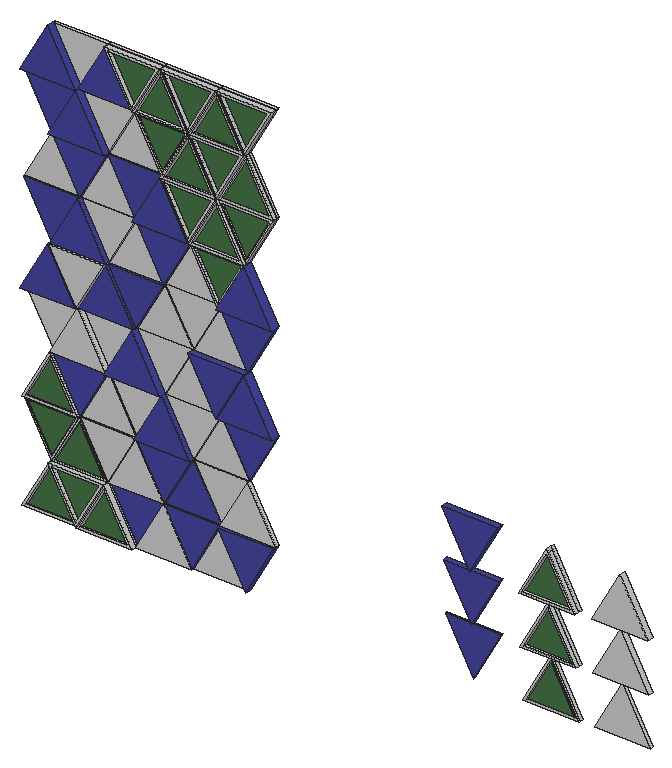
Revit family "SUR-STK-050_GEOLEAF_RFA", category Modelos genéricos, Revit 2022 (continued)
Forms (in)
  Extrusion 204, solid, not visible
    sketch origin (58.96118, -0.5315, 90.49102) x (-1, 0, 0) y (0, 0, -1)
      loop
        line (10.96431, 6.4814) -> (22.96437, 6.4814) -> (16.96434, 16.98145) -> (10.96431, 6.4814)
    from 0.17717 to 1.3565
  Extrusion 205, solid, not visible
    sketch origin (50.47589, 0, 98.9763) x (-1, 0, 0) y (0, 0, -1)
      loop
        line (13.66571, 15.43872) -> (8.47905, 24.51537) -> (3.29239, 15.43872) -> (13.66571, 15.43872)
    from 0.70866 to 1.18
  Extrusion 206, solid, not visible
    sketch origin (58.96118, -0.5315, 90.49102) x (-1, 0, 0) y (0, 0, -1)
      loop
        line (10.96431, 6.4814) -> (22.96437, 6.4814) -> (16.96434, 16.98145) -> (10.96431, 6.4814)
    from -0.5315 to 0.17717
  Extrusion 207, solid, not visible
    sketch origin (25.03255, -0.5315, 56.52812) x (1, 0, 0) y (0, 0, 1)
      loop
        line (22.15099, 6.95344) -> (16.96433, 16.03009) -> (11.77767, 6.95344) -> (22.15099, 6.95344)
      loop
        line (10.96431, 6.4814) -> (22.96437, 6.4814) -> (16.96434, 16.98145) -> (10.96431, 6.4814)
    from 0.17717 to 1.3565
  Extrusion 208, solid, not visible
    sketch origin (33.51783, 0, 48.04283) x (1, 0, 0) y (0, 0, 1)
      loop
        line (13.66571, 15.43872) -> (8.47905, 24.51537) -> (3.29239, 15.43872) -> (13.66571, 15.43872)
    from 0.70866 to 1.18
  Extrusion 209, solid, not visible
    sketch origin (25.03255, -0.5315, 56.52812) x (1, 0, 0) y (0, 0, 1)
      loop
        line (10.96431, 6.4814) -> (22.96437, 6.4814) -> (16.96434, 16.98145) -> (10.96431, 6.4814)
    from -0.5315 to 0.17717
  Extrusion 210, solid, not visible
    sketch origin (52.9612, -0.5315, 79.99097) x (-1, 0, 0) y (0, 0, -1)
      loop
        line (22.15099, 6.95344) -> (16.96433, 16.03009) -> (11.77767, 6.95344) -> (22.15099, 6.95344)
      loop
        line (10.96431, 6.4814) -> (22.96437, 6.4814) -> (16.96434, 16.98145) -> (10.96431, 6.4814)
    from 0.17717 to 1.3565
  Extrusion 211, solid, not visible
    sketch origin (44.47592, 0, 88.47625) x (-1, 0, 0) y (0, 0, -1)
      loop
        line (13.66571, 15.43872) -> (8.47905, 24.51537) -> (3.29239, 15.43872) -> (13.66571, 15.43872)
    from 0.70866 to 1.18
  Extrusion 212, solid, not visible
    sketch origin (52.9612, -0.5315, 79.99097) x (-1, 0, 0) y (0, 0, -1)
      loop
        line (10.96431, 6.4814) -> (22.96437, 6.4814) -> (16.96434, 16.98145) -> (10.96431, 6.4814)
    from -0.5315 to 0.17717
  Extrusion 213, solid, not visible
    sketch origin (64.9612, -0.5315, 79.99097) x (-1, 0, 0) y (0, 0, -1)
      loop
        line (22.15099, 6.95344) -> (16.96433, 16.03009) -> (11.77767, 6.95344) -> (22.15099, 6.95344)
      loop
        line (10.96431, 6.4814) -> (22.96437, 6.4814) -> (16.96434, 16.98145) -> (10.96431, 6.4814)
    from 0.17717 to 0.8845
  Extrusion 214, solid, not visible
    sketch origin (56.47592, 0, 88.47625) x (-1, 0, 0) y (0, 0, -1)
      loop
        line (13.66571, 15.43872) -> (8.47905, 24.51537) -> (3.29239, 15.43872) -> (13.66571, 15.43872)
    from 0.70866 to 1.18
  Extrusion 215, solid, not visible
    sketch origin (64.9612, -0.5315, 79.99097) x (-1, 0, 0) y (0, 0, -1)
      loop
        line (10.96431, 6.4814) -> (22.96437, 6.4814) -> (16.96434, 16.98145) -> (10.96431, 6.4814)
    from -0.5315 to 0.17717
  Extrusion 216, solid, not visible
    sketch origin (58.9655, -0.5315, 69.48346) x (-1, 0, 0) y (0, 0, -1)
      loop
        line (22.15099, 6.95344) -> (16.96433, 16.03009) -> (11.77767, 6.95344) -> (22.15099, 6.95344)
      loop
        line (10.96431, 6.4814) -> (22.96437, 6.4814) -> (16.96434, 16.98145) -> (10.96431, 6.4814)
    from 0.17717 to 0.88453
  Extrusion 217, solid, not visible
    sketch origin (50.48022, 0, 77.96875) x (-1, 0, 0) y (0, 0, -1)
      loop
        line (13.66571, 15.43872) -> (8.47905, 24.51537) -> (3.29239, 15.43872) -> (13.66571, 15.43872)
    from 0.70866 to 0.944
  Extrusion 218, solid, not visible
    sketch origin (58.9655, -0.5315, 69.48346) x (-1, 0, 0) y (0, 0, -1)
      loop
        line (10.96431, 6.4814) -> (22.96437, 6.4814) -> (16.96434, 16.98145) -> (10.96431, 6.4814)
    from -0.5315 to 0.17717
  Extrusion 219, solid, not visible
    sketch origin (64.96127, -0.5315, 100.99108) x (-1, 0, 0) y (0, 0, -1)
      loop
        line (22.15099, 6.95344) -> (16.96433, 16.03009) -> (11.77767, 6.95344) -> (22.15099, 6.95344)
      loop
        line (10.96431, 6.4814) -> (22.96437, 6.4814) -> (16.96434, 16.98145) -> (10.96431, 6.4814)
    from 0.17717 to 1.3565
  Extrusion 220, solid, not visible
    sketch origin (56.47599, 0, 109.47636) x (-1, 0, 0) y (0, 0, -1)
      loop
        line (13.66571, 15.43872) -> (8.47905, 24.51537) -> (3.29239, 15.43872) -> (13.66571, 15.43872)
    from 0.70866 to 1.18
  Extrusion 221, solid, not visible
    sketch origin (64.96127, -0.5315, 100.99108) x (-1, 0, 0) y (0, 0, -1)
      loop
        line (10.96431, 6.4814) -> (22.96437, 6.4814) -> (16.96434, 16.98145) -> (10.96431, 6.4814)
    from -0.5315 to 0.17717
  Extrusion 222, solid, not visible
    sketch origin (42.23251, -0.5315, 65.15642) x (0.496141, 0, -0.868242) y (0.868242, 0, 0.496141)
      loop
        line (10.87099, -6.4814) -> (17.01072, -16.90028) -> (22.96437, -6.4814) -> (10.87099, -6.4814)
    from -0.5315 to -0.0595
  Extrusion 223, solid, not visible
    sketch origin (36.15477, -0.5315, 75.79239) x (0.496141, 0, -0.868242) y (0.868242, 0, 0.496141)
      loop
        line (11.02886, -6.47922) -> (17.16986, -16.90025) -> (23.12474, -6.47922) -> (11.02886, -6.47922)
    from -0.5315 to -0.0595
  Extrusion 224, solid, not visible
    sketch origin (36.23322, -0.5315, 29.34461) x (0.496137, 0, 0.868244) y (-0.868244, 0, 0.496137)
      loop
        line (10.87099, 6.4814) -> (22.96437, 6.4814) -> (17.01072, 16.90028) -> (10.87099, 6.4814)
    from -0.5315 to -0.0595
  Extrusion 225, solid, not visible
    sketch origin (64.9616, -0.5315, 58.98601) x (-1, 0, 0) y (0, 0, -1)
      loop
        line (10.96182, 6.4815) -> (22.96431, 6.4815) -> (16.96306, 16.98368) -> (10.96182, 6.4815)
    from -0.5315 to 0.4125
  Extrusion 226, solid, not visible
    sketch origin (31.81444, -0.5315, 47.3774) x (1, 0, 0) y (0, 0, 1)
      loop
        line (10.18726, 5.12155) -> (22.18727, 5.12155) -> (16.18726, 15.62156) -> (10.18726, 5.12155)
    from -0.5315 to 1.3565
  Extrusion 227, solid, not visible
    sketch origin (58.96047, -0.5315, 48.48361) x (-1, 0, 0) y (0, 0, -1)
      loop
        line (10.96182, 6.4815) -> (22.96431, 6.4815) -> (16.96306, 16.98368) -> (10.96182, 6.4815)
    from -0.5315 to 1.3565
  Extrusion 228, solid, not visible
    sketch origin (64.9616, -0.5315, 37.98601) x (-1, 0, 0) y (0, 0, -1)
      loop
        line (10.96182, 6.4815) -> (22.96431, 6.4815) -> (16.96306, 16.98368) -> (10.96182, 6.4815)
    from -0.5315 to -0.122
  Extrusion 229, solid, not visible
    sketch origin (31.81444, -0.5315, 26.3774) x (1, 0, 0) y (0, 0, 1)
      loop
        line (10.18726, 5.12155) -> (22.18727, 5.12155) -> (16.18726, 15.62156) -> (10.18726, 5.12155)
    from -0.5315 to 1.3565
  Extrusion 230, solid, not visible
    sketch origin (48.26432, -0.5315, 33.60086) x (0.496141, 0, -0.868242) y (0.868242, 0, 0.496141)
      loop
        line (10.81032, -6.4814) -> (16.94966, -16.89962) -> (22.90293, -6.4814) -> (10.81032, -6.4814)
    from -0.5315 to 0.4125
  Extrusion 231, solid, not visible
    sketch origin (64.96373, -0.5315, 16.98145) x (-1, 0, 0) y (0, 0, -1)
      loop
        line (10.9643, 6.48137) -> (22.96439, 6.48137) -> (16.96434, 16.98145) -> (10.9643, 6.48137)
    from -0.5315 to 0.8845
  Extrusion 232, solid, not visible
    sketch origin (42.26477, -0.5315, 23.10151) x (0.496141, 0, -0.868242) y (0.868242, 0, 0.496141)
      loop
        line (10.81032, -6.4814) -> (16.94966, -16.89962) -> (22.90293, -6.4814) -> (10.81032, -6.4814)
    from -0.5315 to -0.0595
  Extrusion 233, solid, not visible
    sketch origin (31.03252, -0.5315, 67.02817) x (1, 0, 0) y (0, 0, 1)
      loop
        line (22.15099, 6.95344) -> (16.96433, 16.03009) -> (11.77767, 6.95344) -> (22.15099, 6.95344)
      loop
        line (10.96431, 6.4814) -> (22.96437, 6.4814) -> (16.96434, 16.98145) -> (10.96431, 6.4814)
    from 0.17717 to 0.8845
  Extrusion 234, solid, not visible
    sketch origin (39.5178, 0, 58.54288) x (1, 0, 0) y (0, 0, 1)
      loop
        line (13.66571, 15.43872) -> (8.47905, 24.51537) -> (3.29239, 15.43872) -> (13.66571, 15.43872)
    from 0.70866 to 1.18
  Extrusion 235, solid, not visible
    sketch origin (31.03252, -0.5315, 67.02817) x (1, 0, 0) y (0, 0, 1)
      loop
        line (10.96431, 6.4814) -> (22.96437, 6.4814) -> (16.96434, 16.98145) -> (10.96431, 6.4814)
    from -0.5315 to 0.17717
  Extrusion 236, solid, not visible
    sketch origin (58.9655, -0.5315, 69.48346) x (-1, 0, 0) y (0, 0, -1)
      loop
        line (22.15099, 6.95344) -> (16.96433, 16.03009) -> (11.77767, 6.95344) -> (22.15099, 6.95344)
      loop
        line (10.96431, 6.4814) -> (22.96437, 6.4814) -> (16.96434, 16.98145) -> (10.96431, 6.4814)
    from 0.17717 to 0.88453
  Extrusion 237, solid, not visible
    sketch origin (50.48022, 0, 77.96875) x (-1, 0, 0) y (0, 0, -1)
      loop
        line (13.66571, 15.43872) -> (8.47905, 24.51537) -> (3.29239, 15.43872) -> (13.66571, 15.43872)
    from 0.70866 to 0.944
  Extrusion 238, solid, not visible
    sketch origin (58.9655, -0.5315, 69.48346) x (-1, 0, 0) y (0, 0, -1)
      loop
        line (10.96431, 6.4814) -> (22.96437, 6.4814) -> (16.96434, 16.98145) -> (10.96431, 6.4814)
    from -0.5315 to 0.17717
  Extrusion 239, solid, not visible
    sketch origin (22.96437, -0.5315, 27.4814) x (-1, 0, 0) y (0, 0, -1)
      loop
        line (22.15099, 6.95344) -> (16.96433, 16.03009) -> (11.77767, 6.95344) -> (22.15099, 6.95344)
      loop
        line (10.96431, 6.4814) -> (22.96437, 6.4814) -> (16.96434, 16.98145) -> (10.96431, 6.4814)
    from 0.17717 to 0.4125
  Extrusion 240, solid, not visible
    sketch origin (14.47909, 0, 35.96669) x (-1, 0, 0) y (0, 0, -1)
      loop
        line (13.66571, 15.43872) -> (8.47905, 24.51537) -> (3.29239, 15.43872) -> (13.66571, 15.43872)
    from 0.70866 to 0.944
  Extrusion 241, solid, not visible
    sketch origin (22.96437, -0.5315, 27.4814) x (-1, 0, 0) y (0, 0, -1)
      loop
        line (10.96431, 6.4814) -> (22.96437, 6.4814) -> (16.96434, 16.98145) -> (10.96431, 6.4814)
    from -0.5315 to 0.17717
  Extrusion 242, solid
    sketch origin (96.03561, -0.5315, -6.4814) x (1, 0, 0) y (0, 0, 1)
      loop
        line (22.15099, 6.95344) -> (16.96433, 16.03009) -> (11.77767, 6.95344) -> (22.15099, 6.95344)
      loop
        line (10.96431, 6.4814) -> (22.96437, 6.4814) -> (16.96434, 16.98145) -> (10.96431, 6.4814)
    from 0.17717 to 0.4125
  Extrusion 243, solid
    sketch origin (104.52089, 0, -14.96668) x (1, 0, 0) y (0, 0, 1)
      loop
        line (13.66571, 15.43872) -> (8.47905, 24.51537) -> (3.29239, 15.43872) -> (13.66571, 15.43872)
    from 0.70866 to 0.944
  Extrusion 244, solid
    sketch origin (96.03561, -0.5315, -6.4814) x (1, 0, 0) y (0, 0, 1)
      loop
        line (10.96431, 6.4814) -> (22.96437, 6.4814) -> (16.96434, 16.98145) -> (10.96431, 6.4814)
    from -0.5315 to 0.17717
  Extrusion 245, solid
    sketch origin (95.80256, -0.5315, 3.93752) x (1, 0, 0) y (0, 0, 1)
      loop
        line (22.15099, 6.95344) -> (16.96433, 16.03009) -> (11.77767, 6.95344) -> (22.15099, 6.95344)
      loop
        line (10.96431, 6.4814) -> (22.96437, 6.4814) -> (16.96434, 16.98145) -> (10.96431, 6.4814)
    from 0.17717 to 0.8845
  Extrusion 246, solid
    sketch origin (104.28784, 0, -4.54776) x (1, 0, 0) y (0, 0, 1)
      loop
        line (13.66571, 15.43872) -> (8.47905, 24.51537) -> (3.29239, 15.43872) -> (13.66571, 15.43872)
    from 0.70866 to 0.944
  Extrusion 247, solid
    sketch origin (95.80256, -0.5315, 3.93752) x (1, 0, 0) y (0, 0, 1)
      loop
        line (10.96431, 6.4814) -> (22.96437, 6.4814) -> (16.96434, 16.98145) -> (10.96431, 6.4814)
    from -0.5315 to 0.17717
  Extrusion 248, solid
    sketch origin (95.80256, -0.5315, 14.43757) x (1, 0, 0) y (0, 0, 1)
      loop
        line (22.15099, 6.95344) -> (16.96433, 16.03009) -> (11.77767, 6.95344) -> (22.15099, 6.95344)
      loop
        line (10.96431, 6.4814) -> (22.96437, 6.4814) -> (16.96434, 16.98145) -> (10.96431, 6.4814)
    from 0.17717 to 1.3565
  Extrusion 249, solid
    sketch origin (104.28784, 0, 5.95228) x (1, 0, 0) y (0, 0, 1)
      loop
        line (13.66571, 15.43872) -> (8.47905, 24.51537) -> (3.29239, 15.43872) -> (13.66571, 15.43872)
    from 0.70866 to 1.18
  Extrusion 250, solid
    sketch origin (95.80256, -0.5315, 14.43757) x (1, 0, 0) y (0, 0, 1)
      loop
        line (10.96431, 6.4814) -> (22.96437, 6.4814) -> (16.96434, 16.98145) -> (10.96431, 6.4814)
    from -0.5315 to 0.17717
  Extrusion 251, solid
    sketch origin (112.96373, -0.5315, 16.98148) x (-1, 0, 0) y (0, 0, -1)
      loop
        line (10.96431, 6.4814) -> (22.96437, 6.4814) -> (16.96434, 16.98145) -> (10.96431, 6.4814)
    from -0.5315 to -0.1845
  Extrusion 252, solid
    sketch origin (112.96373, -0.5315, 27.48153) x (-1, 0, 0) y (0, 0, -1)
      loop
        line (10.9643, 6.48137) -> (22.96439, 6.48137) -> (16.96434, 16.98145) -> (10.9643, 6.48137)
    from -0.5315 to 0.4125
  Extrusion 253, solid
    sketch origin (112.96373, -0.5315, 37.98161) x (-1, 0, 0) y (0, 0, -1)
      loop
        line (10.9643, 6.48137) -> (22.96439, 6.48137) -> (16.96434, 16.98145) -> (10.9643, 6.48137)
    from -0.5315 to 0.8845
  Extrusion 254, solid
    sketch origin (111.03646, -0.5315, 4.01866) x (1, 0, 0.000001) y (-0.000001, 0, 1)
      loop
        line (10.96431, 6.4814) -> (22.96437, 6.4814) -> (16.96434, 16.98145) -> (10.96431, 6.4814)
    from -0.5315 to 0.4125
  Extrusion 255, solid
    sketch origin (128.23461, -0.5315, 44.15447) x (0.496141, 0, -0.868242) y (0.868242, 0, 0.496141)
      loop
        line (10.87099, -6.4814) -> (17.01072, -16.90028) -> (22.96437, -6.4814) -> (10.87099, -6.4814)
    from -0.5315 to 0.8845
  Extrusion 256, solid
    sketch origin (128.26477, -0.5315, 23.10151) x (0.496141, 0, -0.868242) y (0.868242, 0, 0.496141)
      loop
        line (10.81032, -6.4814) -> (16.94966, -16.89962) -> (22.90293, -6.4814) -> (10.81032, -6.4814)
    from -0.5315 to -0.0595
  Extrusion 257, solid, not visible
    sketch origin (-10.96433, -0.5315, -6.4814) x (1, 0, 0) y (0, 0, 1)
      loop
        line (22.15099, 6.95344) -> (16.96433, 16.03009) -> (11.77767, 6.95344) -> (22.15099, 6.95344)
      loop
        line (10.96431, 6.4814) -> (22.96437, 6.4814) -> (16.96434, 16.98145) -> (10.96431, 6.4814)
    from 0.17717 to 0.8845
  Extrusion 258, solid, not visible
    sketch origin (-2.47905, 0, -14.96668) x (1, 0, 0) y (0, 0, 1)
      loop
        line (13.66571, 15.43872) -> (8.47905, 24.51537) -> (3.29239, 15.43872) -> (13.66571, 15.43872)
    from 0.70866 to 0.944
  Extrusion 259, solid, not visible
    sketch origin (-10.96433, -0.5315, -6.4814) x (1, 0, 0) y (0, 0, 1)
      loop
        line (10.96431, 6.4814) -> (22.96437, 6.4814) -> (16.96434, 16.98145) -> (10.96431, 6.4814)
    from -0.5315 to 0.17717
  Extrusion 260, solid, not visible
    sketch origin (1.03572, -0.5315, -6.4814) x (1, 0, 0) y (0, 0, 1)
      loop
        line (22.15099, 6.95344) -> (16.96433, 16.03009) -> (11.77767, 6.95344) -> (22.15099, 6.95344)
      loop
        line (10.96431, 6.4814) -> (22.96437, 6.4814) -> (16.96434, 16.98145) -> (10.96431, 6.4814)
    from 0.17717 to 1.3565
  Extrusion 261, solid, not visible
    sketch origin (9.521, 0, -14.96668) x (1, 0, 0) y (0, 0, 1)
      loop
        line (13.66571, 15.43872) -> (8.47905, 24.51537) -> (3.29239, 15.43872) -> (13.66571, 15.43872)
    from 0.70866 to 1.18
  Extrusion 262, solid, not visible
    sketch origin (1.03572, -0.5315, -6.4814) x (1, 0, 0) y (0, 0, 1)
      loop
        line (10.96431, 6.4814) -> (22.96437, 6.4814) -> (16.96434, 16.98145) -> (10.96431, 6.4814)
    from -0.5315 to 0.17717
  Extrusion 263, solid, not visible
    sketch origin (-4.96431, -0.5315, 4.01865) x (1, 0, 0) y (0, 0, 1)
      loop
        line (22.15099, 6.95344) -> (16.96433, 16.03009) -> (11.77767, 6.95344) -> (22.15099, 6.95344)
      loop
        line (10.96431, 6.4814) -> (22.96437, 6.4814) -> (16.96434, 16.98145) -> (10.96431, 6.4814)
    from 0.17717 to 0.4125
  Extrusion 264, solid, not visible
    sketch origin (3.52098, 0, -4.46663) x (1, 0, 0) y (0, 0, 1)
      loop
        line (13.66571, 15.43872) -> (8.47905, 24.51537) -> (3.29239, 15.43872) -> (13.66571, 15.43872)
    from 0.70866 to 0.944
  Extrusion 265, solid, not visible
    sketch origin (-4.96431, -0.5315, 4.01865) x (1, 0, 0) y (0, 0, 1)
      loop
        line (10.96431, 6.4814) -> (22.96437, 6.4814) -> (16.96434, 16.98145) -> (10.96431, 6.4814)
    from -0.5315 to 0.17717
  Extrusion 266, solid, not visible
    sketch origin (22.96437, -0.5315, 27.4814) x (-1, 0, 0) y (0, 0, -1)
      loop
        line (22.15099, 6.95344) -> (16.96433, 16.03009) -> (11.77767, 6.95344) -> (22.15099, 6.95344)
      loop
        line (10.96431, 6.4814) -> (22.96437, 6.4814) -> (16.96434, 16.98145) -> (10.96431, 6.4814)
    from 0.17717 to 0.4125
  Extrusion 267, solid, not visible
    sketch origin (14.47909, 0, 35.96669) x (-1, 0, 0) y (0, 0, -1)
      loop
        line (13.66571, 15.43872) -> (8.47905, 24.51537) -> (3.29239, 15.43872) -> (13.66571, 15.43872)
    from 0.70866 to 0.944
  Extrusion 268, solid, not visible
    sketch origin (22.96437, -0.5315, 27.4814) x (-1, 0, 0) y (0, 0, -1)
      loop
        line (10.96431, 6.4814) -> (22.96437, 6.4814) -> (16.96434, 16.98145) -> (10.96431, 6.4814)
    from -0.5315 to 0.17717
  Extrusion 269, solid, not visible
    sketch origin (40.96443, -0.5315, 16.98145) x (-1, 0, 0) y (0, 0, -1)
      loop
        line (10.96431, 6.4814) -> (22.96437, 6.4814) -> (16.96434, 16.98145) -> (10.96431, 6.4814)
    from -0.5315 to -0.1845
  Extrusion 270, solid, not visible
    sketch origin (13.03581, -0.5315, -6.48138) x (1, 0, 0.000001) y (-0.000001, 0, 1)
      loop
        line (10.96431, 6.4814) -> (22.96437, 6.4814) -> (16.96434, 16.98145) -> (10.96431, 6.4814)
    from -0.5315 to 0.4125
  Extrusion 271, solid, not visible
    sketch origin (28.96438, -0.5315, 16.98145) x (-1, 0, 0) y (0, 0, -1)
      loop
        line (22.15099, 6.95344) -> (16.96433, 16.03009) -> (11.77767, 6.95344) -> (22.15099, 6.95344)
      loop
        line (10.96431, 6.4814) -> (22.96437, 6.4814) -> (16.96434, 16.98145) -> (10.96431, 6.4814)
    from 0.17717 to 1.3565
  Extrusion 272, solid, not visible
    sketch origin (20.4791, 0, 25.46673) x (-1, 0, 0) y (0, 0, -1)
      loop
        line (13.66571, 15.43872) -> (8.47905, 24.51537) -> (3.29239, 15.43872) -> (13.66571, 15.43872)
    from 0.70866 to 1.18
  Extrusion 273, solid, not visible
    sketch origin (28.96438, -0.5315, 16.98145) x (-1, 0, 0) y (0, 0, -1)
      loop
        line (10.96431, 6.4814) -> (22.96437, 6.4814) -> (16.96434, 16.98145) -> (10.96431, 6.4814)
    from -0.5315 to 0.17717
  Extrusion 274, solid, not visible
    sketch origin (-10.96431, -0.5315, 14.5186) x (1, 0, 0) y (0, 0, 1)
      loop
        line (22.15099, 6.95344) -> (16.96433, 16.03009) -> (11.77767, 6.95344) -> (22.15099, 6.95344)
      loop
        line (10.96431, 6.4814) -> (22.96437, 6.4814) -> (16.96434, 16.98145) -> (10.96431, 6.4814)
    from 0.17717 to 0.8845
  Extrusion 275, solid, not visible
    sketch origin (-2.47903, 0, 6.03332) x (1, 0, 0) y (0, 0, 1)
      loop
        line (13.66571, 15.43872) -> (8.47905, 24.51537) -> (3.29239, 15.43872) -> (13.66571, 15.43872)
    from 0.70866 to 0.944
  Extrusion 276, solid, not visible
    sketch origin (-10.96431, -0.5315, 14.5186) x (1, 0, 0) y (0, 0, 1)
      loop
        line (10.96431, 6.4814) -> (22.96437, 6.4814) -> (16.96434, 16.98145) -> (10.96431, 6.4814)
    from -0.5315 to 0.17717
  Extrusion 277, solid, not visible
    sketch origin (7.03569, -0.5315, 4.01863) x (1, 0, 0.000001) y (-0.000001, 0, 1)
      loop
        line (10.96431, 6.4814) -> (22.96437, 6.4814) -> (16.96434, 16.98145) -> (10.96431, 6.4814)
    from -0.5315 to 0.4125
  Extrusion 278, solid, not visible
    sketch origin (18.23398, -0.5315, -2.15424) x (0.496137, 0, 0.868244) y (-0.868244, 0, 0.496137)
      loop
        line (10.87099, 6.4814) -> (22.96437, 6.4814) -> (17.01072, 16.90028) -> (10.87099, 6.4814)
    from -0.5315 to 0.4125
  Extrusion 279, solid, not visible
    sketch origin (18.23386, -0.5315, 44.15442) x (0.496141, 0, -0.868242) y (0.868242, 0, 0.496141)
      loop
        line (10.87099, -6.4814) -> (17.01072, -16.90028) -> (22.96437, -6.4814) -> (10.87099, -6.4814)
    from -0.5315 to -0.0595
  Extrusion 280, solid, not visible
    sketch origin (28.96559, -0.5315, 37.97933) x (-1, 0, 0) y (0, 0, -1)
      loop
        line (10.96431, 6.4814) -> (22.96437, 6.4814) -> (16.96434, 16.98145) -> (10.96431, 6.4814)
    from -0.5315 to 0.4125
  Extrusion 281, solid, not visible
    sketch origin (12.23384, -0.5315, 54.6544) x (0.496141, 0, -0.868242) y (0.868242, 0, 0.496141)
      loop
        line (10.87099, -6.4814) -> (17.01072, -16.90028) -> (22.96437, -6.4814) -> (10.87099, -6.4814)
    from -0.5315 to 0.8845
  Extrusion 282, solid, not visible
    sketch origin (6.234, -0.5315, 18.84567) x (0.496137, 0, 0.868244) y (-0.868244, 0, 0.496137)
      loop
        line (10.87099, 6.4814) -> (22.96437, 6.4814) -> (17.01072, 16.90028) -> (10.87099, 6.4814)
    from -0.5315 to -0.2955
  Extrusion 283, solid, not visible
    sketch origin (-10.18724, -0.5315, 36.87827) x (1, 0, 0) y (0, 0, 1)
      loop
        line (10.18733, 5.12168) -> (22.1872, 5.12168) -> (16.18726, 15.62156) -> (10.18733, 5.12168)
    from -0.5315 to 1.3565
  Extrusion 284, solid, not visible
    sketch origin (12.23395, -0.5315, 29.34552) x (0.496137, 0, 0.868244) y (-0.868244, 0, 0.496137)
      loop
        line (10.87099, 6.4814) -> (22.96437, 6.4814) -> (17.01072, 16.90028) -> (10.87099, 6.4814)
    from -0.5315 to 1.3565
  Extrusion 285, solid, not visible
    sketch origin (18.23394, -0.5315, 18.84573) x (0.496137, 0, 0.868244) y (-0.868244, 0, 0.496137)
      loop
        line (10.87099, 6.4814) -> (22.96437, 6.4814) -> (17.01072, 16.90028) -> (10.87099, 6.4814)
    from -0.5315 to -0.2955
  Extrusion 286, solid, not visible
    sketch origin (1.81276, -0.5315, 36.87827) x (1, 0, 0) y (0, 0, 1)
      loop
        line (10.18733, 5.12168) -> (22.1872, 5.12168) -> (16.18726, 15.62156) -> (10.18733, 5.12168)
    from -0.5315 to 0.8845
  Extrusion 287, solid, not visible
    sketch origin (-4.18727, -0.5315, 47.37817) x (1, 0, 0) y (0, 0, 1)
      loop
        line (10.18733, 5.12168) -> (22.1872, 5.12168) -> (16.18726, 15.62156) -> (10.18733, 5.12168)
    from -0.5315 to 0.8845
  Extrusion 288, solid, not visible
    sketch origin (40.96429, -0.5315, 58.9814) x (-1, 0, 0) y (0, 0, -1)
      loop
        line (10.96437, 6.4815) -> (22.96431, 6.4815) -> (16.96434, 16.98145) -> (10.96437, 6.4815)
    from -0.5315 to 0.4125
  Extrusion 289, solid, not visible
    sketch origin (7.8127, -0.5315, 26.37852) x (1, 0, 0) y (0, 0, 1)
      loop
        line (10.18733, 5.12168) -> (22.1872, 5.12168) -> (16.18726, 15.62156) -> (10.18733, 5.12168)
    from -0.5315 to 1.3565
  Extrusion 290, solid, not visible
    sketch origin (30.2335, -0.5315, 8.34573) x (0.496157, 0, 0.868233) y (-0.868233, 0, 0.496157)
      loop
        line (7.89406, 11.69097) -> (19.98747, 11.69097) -> (14.03381, 22.10988) -> (7.89406, 11.69097)
    from -0.5315 to -0.0595
  Extrusion 291, solid, not visible
    sketch origin (52.96452, -0.5315, 16.98145) x (-1, 0, 0) y (0, 0, -1)
      loop
        line (10.9643, 6.48137) -> (22.96439, 6.48137) -> (16.96434, 16.98145) -> (10.9643, 6.48137)
    from -0.5315 to 0.4125
  Extrusion 292, solid, not visible
    sketch origin (19.81289, -0.5315, 5.37817) x (1, 0, 0) y (0, 0, 1)
      loop
        line (10.18708, 5.12168) -> (22.1872, 5.12168) -> (16.18714, 15.62179) -> (10.18708, 5.12168)
    from -0.5315 to -0.0595
  Extrusion 293, solid, not visible
    sketch origin (46.96447, -0.5315, 27.48154) x (-1, 0, 0) y (0, 0, -1)
      loop
        line (10.96431, 6.4814) -> (22.96475, 6.4814) -> (16.96453, 16.98178) -> (10.96431, 6.4814)
    from -0.5315 to 0.4125
  Extrusion 294, solid, not visible
    sketch origin (13.81283, -0.5315, 15.87884) x (1, 0, 0) y (0, 0, 1)
      loop
        line (10.18708, 5.12168) -> (22.18688, 5.12168) -> (16.18698, 15.62151) -> (10.18708, 5.12168)
    from -0.5315 to 0.8845
  Extrusion 295, solid, not visible
    sketch origin (30.23394, -0.5315, 18.84573) x (0.496137, 0, 0.868244) y (-0.868244, 0, 0.496137)
      loop
        line (10.87099, 6.4814) -> (22.96437, 6.4814) -> (17.01072, 16.90028) -> (10.87099, 6.4814)
    from -0.5315 to -0.0595
  Extrusion 296, solid, not visible
    sketch origin (36.23392, -0.5315, 8.34575) x (0.496137, 0, 0.868244) y (-0.868244, 0, 0.496137)
      loop
        line (10.87091, 6.48127) -> (22.9645, 6.48127) -> (17.01075, 16.90033) -> (10.87091, 6.48127)
    from -0.5315 to -0.0595
  Extrusion 297, solid, not visible
    sketch origin (42.24749, -0.5315, -2.178) x (0.496137, 0, 0.868244) y (-0.868244, 0, 0.496137)
      loop
        line (10.88475, 6.50475) -> (22.9789, 6.50475) -> (17.02488, 16.9243) -> (10.88475, 6.50475)
    from -0.5315 to -0.0595
  Extrusion 298, solid, not visible
    sketch origin (30.23257, -0.5315, 65.15642) x (0.496141, 0, -0.868242) y (0.868242, 0, 0.496141)
      loop
        line (10.87099, -6.4814) -> (17.01072, -16.90028) -> (22.96437, -6.4814) -> (10.87099, -6.4814)
    from -0.5315 to -0.0595
  Extrusion 299, solid, not visible
    sketch origin (36.18623, -0.5315, 54.73751) x (0.496141, 0, -0.868242) y (0.868242, 0, 0.496141)
      loop
        line (10.9665, -6.4814) -> (17.1063, -16.9004) -> (23.06001, -6.4814) -> (10.9665, -6.4814)
    from -0.5315 to -0.0595
  Extrusion 300, solid, not visible
    sketch origin (42.26394, -0.5315, 44.10153) x (0.496141, 0, -0.868242) y (0.868242, 0, 0.496141)
      loop
        line (10.81032, -6.4814) -> (16.94966, -16.89962) -> (22.90293, -6.4814) -> (10.81032, -6.4814)
    from -0.5315 to -0.2955
  Extrusion 301, solid, not visible
    sketch origin (24.23254, -0.5315, 75.6564) x (0.496141, 0, -0.868242) y (0.868242, 0, 0.496141)
      loop
        line (10.87099, -6.4814) -> (17.01072, -16.90028) -> (22.96437, -6.4814) -> (10.87099, -6.4814)
    from -0.5315 to -0.0595
  Extrusion 302, solid, not visible
    sketch origin (18.23033, -0.5315, 39.85253) x (0.496137, 0, 0.868244) y (-0.868244, 0, 0.496137)
      loop
        line (10.86791, 6.47698) -> (22.96135, 6.47698) -> (17.00768, 16.89591) -> (10.86791, 6.47698)
    from -0.5315 to -0.0595
  Extrusion 303, solid, not visible
    sketch origin (22.96437, -0.5315, 69.48124) x (-1, 0, 0) y (0, 0, -1)
      loop
        line (10.96306, 6.47921) -> (22.96562, 6.47921) -> (16.96434, 16.98145) -> (10.96306, 6.47921)
    from -0.5315 to 0.4125
  Extrusion 304, solid, not visible
    sketch origin (46.96298, -0.5315, 69.48357) x (-1, 0, 0) y (0, 0, -1)
      loop
        line (10.96182, 6.4815) -> (22.96431, 6.4815) -> (16.96306, 16.98368) -> (10.96182, 6.4815)
    from -0.5315 to 0.4125
  Extrusion 305, solid, not visible
    sketch origin (13.81386, -0.5315, 57.88051) x (1, 0, 0) y (0, 0, 1)
      loop
        line (10.18726, 5.12155) -> (22.18727, 5.12155) -> (16.18726, 15.62156) -> (10.18726, 5.12155)
    from -0.5315 to 1.3565
  Extrusion 306, solid, not visible
    sketch origin (18.23497, -0.5315, 86.15638) x (0.496141, 0, -0.868242) y (0.868242, 0, 0.496141)
      loop
        line (10.87099, -6.4814) -> (17.01072, -16.90028) -> (22.96437, -6.4814) -> (10.87099, -6.4814)
    from -0.5315 to -0.0595
  Extrusion 307, solid, not visible
    sketch origin (40.96295, -0.5315, 79.98355) x (-1, 0, 0) y (0, 0, -1)
      loop
        line (10.96182, 6.4815) -> (22.96431, 6.4815) -> (16.96306, 16.98368) -> (10.96182, 6.4815)
    from -0.5315 to 0.4125
  Extrusion 308, solid, not visible
    sketch origin (6.23504, -0.5315, 86.15638) x (0.496141, 0, -0.868242) y (0.868242, 0, 0.496141)
      loop
        line (10.87099, -6.4814) -> (17.01072, -16.90028) -> (22.96437, -6.4814) -> (10.87099, -6.4814)
    from -0.5315 to -0.0595
  Extrusion 309, solid, not visible
    sketch origin (28.96301, -0.5315, 79.98355) x (-1, 0, 0) y (0, 0, -1)
      loop
        line (10.96182, 6.4815) -> (22.96431, 6.4815) -> (16.96306, 16.98368) -> (10.96182, 6.4815)
    from -0.5315 to 0.4125
  Extrusion 310, solid, not visible
    sketch origin (-4.1861, -0.5315, 68.38049) x (1, 0, 0) y (0, 0, 1)
      loop
        line (10.18726, 5.12155) -> (22.18727, 5.12155) -> (16.18726, 15.62156) -> (10.18726, 5.12155)
    from -0.5315 to 1.3565
  Extrusion 311, solid, not visible
    sketch origin (24.235, -0.5315, 96.65639) x (0.496141, 0, -0.868242) y (0.868242, 0, 0.496141)
      loop
        line (10.87099, -6.4814) -> (17.01072, -16.90028) -> (22.96437, -6.4814) -> (10.87099, -6.4814)
    from -0.5315 to -0.0595
  Extrusion 312, solid, not visible
    sketch origin (18.23033, -0.5315, 60.85683) x (0.496137, 0, 0.868244) y (-0.868244, 0, 0.496137)
      loop
        line (10.86791, 6.47698) -> (22.96135, 6.47698) -> (17.00768, 16.89591) -> (10.86791, 6.47698)
    from -0.5315 to -0.0595
  Extrusion 313, solid, not visible
    sketch origin (22.96177, -0.5315, 90.48573) x (-1, 0, 0) y (0, 0, -1)
      loop
        line (10.96182, 6.4815) -> (22.96431, 6.4815) -> (16.96306, 16.98368) -> (10.96182, 6.4815)
    from -0.5315 to 0.4125
  Extrusion 314, solid, not visible
    sketch origin (-10.18794, -0.5315, 78.88371) x (1, 0, 0) y (0, 0, 1)
      loop
        line (10.18726, 5.12155) -> (22.18727, 5.12155) -> (16.18726, 15.62156) -> (10.18726, 5.12155)
    from -0.5315 to 1.3565
  Extrusion 315, solid, not visible
    sketch origin (12.22849, -0.5315, 71.36005) x (0.496137, 0, 0.868244) y (-0.868244, 0, 0.496137)
      loop
        line (10.86791, 6.47698) -> (22.96135, 6.47698) -> (17.00768, 16.89591) -> (10.86791, 6.47698)
    from -0.5315 to -0.0595
  Extrusion 316, solid, not visible
    sketch origin (1.81206, -0.5315, 78.88371) x (1, 0, 0) y (0, 0, 1)
      loop
        line (10.18726, 5.12155) -> (22.18727, 5.12155) -> (16.18726, 15.62156) -> (10.18726, 5.12155)
    from -0.5315 to 0.8845
  Extrusion 317, solid, not visible
    sketch origin (13.03256, -0.5315, 77.52823) x (1, 0, 0) y (0, 0, 1)
      loop
        line (22.15099, 6.95344) -> (16.96433, 16.03009) -> (11.77767, 6.95344) -> (22.15099, 6.95344)
      loop
        line (10.96431, 6.4814) -> (22.96437, 6.4814) -> (16.96434, 16.98145) -> (10.96431, 6.4814)
    from 0.17717 to 1.3565
  Extrusion 318, solid, not visible
    sketch origin (21.51784, 0, 69.04295) x (1, 0, 0) y (0, 0, 1)
      loop
        line (13.66571, 15.43872) -> (8.47905, 24.51537) -> (3.29239, 15.43872) -> (13.66571, 15.43872)
    from 0.70866 to 1.18
  Extrusion 319, solid, not visible
    sketch origin (13.03256, -0.5315, 77.52823) x (1, 0, 0) y (0, 0, 1)
      loop
        line (10.96431, 6.4814) -> (22.96437, 6.4814) -> (16.96434, 16.98145) -> (10.96431, 6.4814)
    from -0.5315 to 0.17717
  Extrusion 320, solid, not visible
    sketch origin (40.96121, -0.5315, 100.99108) x (-1, 0, 0) y (0, 0, -1)
      loop
        line (22.15099, 6.95344) -> (16.96433, 16.03009) -> (11.77767, 6.95344) -> (22.15099, 6.95344)
      loop
        line (10.96431, 6.4814) -> (22.96437, 6.4814) -> (16.96434, 16.98145) -> (10.96431, 6.4814)
    from 0.17717 to 1.3565
  Extrusion 321, solid, not visible
    sketch origin (32.47593, 0, 109.47636) x (-1, 0, 0) y (0, 0, -1)
      loop
        line (13.66571, 15.43872) -> (8.47905, 24.51537) -> (3.29239, 15.43872) -> (13.66571, 15.43872)
    from 0.70866 to 1.18
  Extrusion 322, solid, not visible
    sketch origin (40.96121, -0.5315, 100.99108) x (-1, 0, 0) y (0, 0, -1)
      loop
        line (10.96431, 6.4814) -> (22.96437, 6.4814) -> (16.96434, 16.98145) -> (10.96431, 6.4814)
    from -0.5315 to 0.17717
  Extrusion 323, solid, not visible
    sketch origin (25.03256, -0.5315, 77.52823) x (1, 0, 0) y (0, 0, 1)
      loop
        line (22.15099, 6.95344) -> (16.96433, 16.03009) -> (11.77767, 6.95344) -> (22.15099, 6.95344)
      loop
        line (10.96431, 6.4814) -> (22.96437, 6.4814) -> (16.96434, 16.98145) -> (10.96431, 6.4814)
    from 0.17717 to 1.3565
  Extrusion 324, solid, not visible
    sketch origin (33.51784, 0, 69.04295) x (1, 0, 0) y (0, 0, 1)
      loop
        line (13.66571, 15.43872) -> (8.47905, 24.51537) -> (3.29239, 15.43872) -> (13.66571, 15.43872)
    from 0.70866 to 1.18
  Extrusion 325, solid, not visible
    sketch origin (25.03256, -0.5315, 77.52823) x (1, 0, 0) y (0, 0, 1)
      loop
        line (10.96431, 6.4814) -> (22.96437, 6.4814) -> (16.96434, 16.98145) -> (10.96431, 6.4814)
    from -0.5315 to 0.17717
  Extrusion 326, solid, not visible
    sketch origin (52.96121, -0.5315, 100.99108) x (-1, 0, 0) y (0, 0, -1)
      loop
        line (22.15099, 6.95344) -> (16.96433, 16.03009) -> (11.77767, 6.95344) -> (22.15099, 6.95344)
      loop
        line (10.96431, 6.4814) -> (22.96437, 6.4814) -> (16.96434, 16.98145) -> (10.96431, 6.4814)
    from 0.17717 to 1.3565
  Extrusion 327, solid, not visible
    sketch origin (44.47593, 0, 109.47636) x (-1, 0, 0) y (0, 0, -1)
      loop
        line (13.66571, 15.43872) -> (8.47905, 24.51537) -> (3.29239, 15.43872) -> (13.66571, 15.43872)
    from 0.70866 to 1.18
  Extrusion 328, solid, not visible
    sketch origin (52.96121, -0.5315, 100.99108) x (-1, 0, 0) y (0, 0, -1)
      loop
        line (10.96431, 6.4814) -> (22.96437, 6.4814) -> (16.96434, 16.98145) -> (10.96431, 6.4814)
    from -0.5315 to 0.17717
  Extrusion 329, solid, not visible
    sketch origin (19.03252, -0.5315, 67.02817) x (1, 0, 0) y (0, 0, 1)
      loop
        line (22.15099, 6.95344) -> (16.96433, 16.03009) -> (11.77767, 6.95344) -> (22.15099, 6.95344)
      loop
        line (10.96431, 6.4814) -> (22.96437, 6.4814) -> (16.96434, 16.98145) -> (10.96431, 6.4814)
    from 0.17717 to 1.3565
  Extrusion 330, solid, not visible
    sketch origin (27.5178, 0, 58.54288) x (1, 0, 0) y (0, 0, 1)
      loop
        line (13.66571, 15.43872) -> (8.47905, 24.51537) -> (3.29239, 15.43872) -> (13.66571, 15.43872)
    from 0.70866 to 1.18
  Extrusion 331, solid, not visible
    sketch origin (19.03252, -0.5315, 67.02817) x (1, 0, 0) y (0, 0, 1)
      loop
        line (10.96431, 6.4814) -> (22.96437, 6.4814) -> (16.96434, 16.98145) -> (10.96431, 6.4814)
    from -0.5315 to 0.17717
  Extrusion 332, solid, not visible
    sketch origin (46.96118, -0.5315, 90.49102) x (-1, 0, 0) y (0, 0, -1)
      loop
        line (22.15099, 6.95344) -> (16.96433, 16.03009) -> (11.77767, 6.95344) -> (22.15099, 6.95344)
      loop
        line (10.96431, 6.4814) -> (22.96437, 6.4814) -> (16.96434, 16.98145) -> (10.96431, 6.4814)
    from 0.17717 to 0.8845
  Extrusion 333, solid, not visible
    sketch origin (38.47589, 0, 98.9763) x (-1, 0, 0) y (0, 0, -1)
      loop
        line (13.66571, 15.43872) -> (8.47905, 24.51537) -> (3.29239, 15.43872) -> (13.66571, 15.43872)
    from 0.70866 to 1.18
  Extrusion 334, solid, not visible
    sketch origin (46.96118, -0.5315, 90.49102) x (-1, 0, 0) y (0, 0, -1)
      loop
        line (10.96431, 6.4814) -> (22.96437, 6.4814) -> (16.96434, 16.98145) -> (10.96431, 6.4814)
    from -0.5315 to 0.17717
  Extrusion 335, solid, not visible
    sketch origin (31.03252, -0.5315, 67.02817) x (1, 0, 0) y (0, 0, 1)
      loop
        line (22.15099, 6.95344) -> (16.96433, 16.03009) -> (11.77767, 6.95344) -> (22.15099, 6.95344)
      loop
        line (10.96431, 6.4814) -> (22.96437, 6.4814) -> (16.96434, 16.98145) -> (10.96431, 6.4814)
    from 0.17717 to 0.8845
  Extrusion 336, solid, not visible
    sketch origin (39.5178, 0, 58.54288) x (1, 0, 0) y (0, 0, 1)
      loop
        line (13.66571, 15.43872) -> (8.47905, 24.51537) -> (3.29239, 15.43872) -> (13.66571, 15.43872)
    from 0.70866 to 1.18
  Extrusion 337, solid, not visible
    sketch origin (31.03252, -0.5315, 67.02817) x (1, 0, 0) y (0, 0, 1)
      loop
        line (10.96431, 6.4814) -> (22.96437, 6.4814) -> (16.96434, 16.98145) -> (10.96431, 6.4814)
    from -0.5315 to 0.17717
  Extrusion 338, solid, not visible
    sketch origin (58.96118, -0.5315, 90.49102) x (-1, 0, 0) y (0, 0, -1)
      loop
        line (22.15099, 6.95344) -> (16.96433, 16.03009) -> (11.77767, 6.95344) -> (22.15099, 6.95344)
      loop
        line (10.96431, 6.4814) -> (22.96437, 6.4814) -> (16.96434, 16.98145) -> (10.96431, 6.4814)
    from 0.17717 to 1.3565
  Extrusion 339, solid, not visible
    sketch origin (50.47589, 0, 98.9763) x (-1, 0, 0) y (0, 0, -1)
      loop
        line (13.66571, 15.43872) -> (8.47905, 24.51537) -> (3.29239, 15.43872) -> (13.66571, 15.43872)
    from 0.70866 to 1.18
  Extrusion 340, solid, not visible
    sketch origin (58.96118, -0.5315, 90.49102) x (-1, 0, 0) y (0, 0, -1)
      loop
        line (10.96431, 6.4814) -> (22.96437, 6.4814) -> (16.96434, 16.98145) -> (10.96431, 6.4814)
    from -0.5315 to 0.17717
  Extrusion 341, solid, not visible
    sketch origin (25.03255, -0.5315, 56.52812) x (1, 0, 0) y (0, 0, 1)
      loop
        line (22.15099, 6.95344) -> (16.96433, 16.03009) -> (11.77767, 6.95344) -> (22.15099, 6.95344)
      loop
        line (10.96431, 6.4814) -> (22.96437, 6.4814) -> (16.96434, 16.98145) -> (10.96431, 6.4814)
    from 0.17717 to 1.3565
  Extrusion 342, solid, not visible
    sketch origin (33.51783, 0, 48.04283) x (1, 0, 0) y (0, 0, 1)
      loop
        line (13.66571, 15.43872) -> (8.47905, 24.51537) -> (3.29239, 15.43872) -> (13.66571, 15.43872)
    from 0.70866 to 1.18
  Extrusion 343, solid, not visible
    sketch origin (25.03255, -0.5315, 56.52812) x (1, 0, 0) y (0, 0, 1)
      loop
        line (10.96431, 6.4814) -> (22.96437, 6.4814) -> (16.96434, 16.98145) -> (10.96431, 6.4814)
    from -0.5315 to 0.17717
  Extrusion 344, solid, not visible
    sketch origin (52.9612, -0.5315, 79.99097) x (-1, 0, 0) y (0, 0, -1)
      loop
        line (22.15099, 6.95344) -> (16.96433, 16.03009) -> (11.77767, 6.95344) -> (22.15099, 6.95344)
      loop
        line (10.96431, 6.4814) -> (22.96437, 6.4814) -> (16.96434, 16.98145) -> (10.96431, 6.4814)
    from 0.17717 to 1.3565
  Extrusion 345, solid, not visible
    sketch origin (44.47592, 0, 88.47625) x (-1, 0, 0) y (0, 0, -1)
      loop
        line (13.66571, 15.43872) -> (8.47905, 24.51537) -> (3.29239, 15.43872) -> (13.66571, 15.43872)
    from 0.70866 to 1.18
  Extrusion 346, solid, not visible
    sketch origin (52.9612, -0.5315, 79.99097) x (-1, 0, 0) y (0, 0, -1)
      loop
        line (10.96431, 6.4814) -> (22.96437, 6.4814) -> (16.96434, 16.98145) -> (10.96431, 6.4814)
    from -0.5315 to 0.17717
  Extrusion 347, solid, not visible
    sketch origin (64.9612, -0.5315, 79.99097) x (-1, 0, 0) y (0, 0, -1)
      loop
        line (22.15099, 6.95344) -> (16.96433, 16.03009) -> (11.77767, 6.95344) -> (22.15099, 6.95344)
      loop
        line (10.96431, 6.4814) -> (22.96437, 6.4814) -> (16.96434, 16.98145) -> (10.96431, 6.4814)
    from 0.17717 to 0.8845
  Extrusion 348, solid, not visible
    sketch origin (56.47592, 0, 88.47625) x (-1, 0, 0) y (0, 0, -1)
      loop
        line (13.66571, 15.43872) -> (8.47905, 24.51537) -> (3.29239, 15.43872) -> (13.66571, 15.43872)
    from 0.70866 to 1.18
  Extrusion 349, solid, not visible
    sketch origin (64.9612, -0.5315, 79.99097) x (-1, 0, 0) y (0, 0, -1)
      loop
        line (10.96431, 6.4814) -> (22.96437, 6.4814) -> (16.96434, 16.98145) -> (10.96431, 6.4814)
    from -0.5315 to 0.17717
  Extrusion 350, solid, not visible
    sketch origin (58.9655, -0.5315, 69.48346) x (-1, 0, 0) y (0, 0, -1)
      loop
        line (22.15099, 6.95344) -> (16.96433, 16.03009) -> (11.77767, 6.95344) -> (22.15099, 6.95344)
      loop
        line (10.96431, 6.4814) -> (22.96437, 6.4814) -> (16.96434, 16.98145) -> (10.96431, 6.4814)
    from 0.17717 to 0.88453
  Extrusion 351, solid, not visible
    sketch origin (50.48022, 0, 77.96875) x (-1, 0, 0) y (0, 0, -1)
      loop
        line (13.66571, 15.43872) -> (8.47905, 24.51537) -> (3.29239, 15.43872) -> (13.66571, 15.43872)
    from 0.70866 to 0.944
  Extrusion 352, solid, not visible
    sketch origin (58.9655, -0.5315, 69.48346) x (-1, 0, 0) y (0, 0, -1)
      loop
        line (10.96431, 6.4814) -> (22.96437, 6.4814) -> (16.96434, 16.98145) -> (10.96431, 6.4814)
    from -0.5315 to 0.17717
  Extrusion 353, solid, not visible
    sketch origin (64.96127, -0.5315, 100.99108) x (-1, 0, 0) y (0, 0, -1)
      loop
        line (22.15099, 6.95344) -> (16.96433, 16.03009) -> (11.77767, 6.95344) -> (22.15099, 6.95344)
      loop
        line (10.96431, 6.4814) -> (22.96437, 6.4814) -> (16.96434, 16.98145) -> (10.96431, 6.4814)
    from 0.17717 to 1.3565
  Extrusion 354, solid, not visible
    sketch origin (56.47599, 0, 109.47636) x (-1, 0, 0) y (0, 0, -1)
      loop
        line (13.66571, 15.43872) -> (8.47905, 24.51537) -> (3.29239, 15.43872) -> (13.66571, 15.43872)
    from 0.70866 to 1.18
  Extrusion 355, solid, not visible
    sketch origin (64.96127, -0.5315, 100.99108) x (-1, 0, 0) y (0, 0, -1)
      loop
        line (10.96431, 6.4814) -> (22.96437, 6.4814) -> (16.96434, 16.98145) -> (10.96431, 6.4814)
    from -0.5315 to 0.17717
  Extrusion 356, solid, not visible
    sketch origin (42.23251, -0.5315, 65.15642) x (0.496141, 0, -0.868242) y (0.868242, 0, 0.496141)
      loop
        line (10.87099, -6.4814) -> (17.01072, -16.90028) -> (22.96437, -6.4814) -> (10.87099, -6.4814)
    from -0.5315 to -0.0595
  Extrusion 357, solid, not visible
    sketch origin (36.15477, -0.5315, 75.79239) x (0.496141, 0, -0.868242) y (0.868242, 0, 0.496141)
      loop
        line (11.02886, -6.47922) -> (17.16986, -16.90025) -> (23.12474, -6.47922) -> (11.02886, -6.47922)
    from -0.5315 to -0.0595
  Extrusion 358, solid, not visible
    sketch origin (36.23322, -0.5315, 29.34461) x (0.496137, 0, 0.868244) y (-0.868244, 0, 0.496137)
      loop
        line (10.87099, 6.4814) -> (22.96437, 6.4814) -> (17.01072, 16.90028) -> (10.87099, 6.4814)
    from -0.5315 to -0.0595
  Extrusion 359, solid, not visible
    sketch origin (64.9616, -0.5315, 58.98601) x (-1, 0, 0) y (0, 0, -1)
      loop
        line (10.96182, 6.4815) -> (22.96431, 6.4815) -> (16.96306, 16.98368) -> (10.96182, 6.4815)
    from -0.5315 to 0.4125
  Extrusion 360, solid, not visible
    sketch origin (31.81444, -0.5315, 47.3774) x (1, 0, 0) y (0, 0, 1)
      loop
        line (10.18726, 5.12155) -> (22.18727, 5.12155) -> (16.18726, 15.62156) -> (10.18726, 5.12155)
    from -0.5315 to 1.3565
  Extrusion 361, solid, not visible
    sketch origin (58.96047, -0.5315, 48.48361) x (-1, 0, 0) y (0, 0, -1)
      loop
        line (10.96182, 6.4815) -> (22.96431, 6.4815) -> (16.96306, 16.98368) -> (10.96182, 6.4815)
    from -0.5315 to 1.3565
  Extrusion 362, solid, not visible
    sketch origin (64.9616, -0.5315, 37.98601) x (-1, 0, 0) y (0, 0, -1)
      loop
        line (10.96182, 6.4815) -> (22.96431, 6.4815) -> (16.96306, 16.98368) -> (10.96182, 6.4815)
    from -0.5315 to -0.122
  Extrusion 363, solid, not visible
    sketch origin (31.81444, -0.5315, 26.3774) x (1, 0, 0) y (0, 0, 1)
      loop
        line (10.18726, 5.12155) -> (22.18727, 5.12155) -> (16.18726, 15.62156) -> (10.18726, 5.12155)
    from -0.5315 to 1.3565
  Extrusion 364, solid, not visible
    sketch origin (48.26432, -0.5315, 33.60086) x (0.496141, 0, -0.868242) y (0.868242, 0, 0.496141)
      loop
        line (10.81032, -6.4814) -> (16.94966, -16.89962) -> (22.90293, -6.4814) -> (10.81032, -6.4814)
    from -0.5315 to 0.4125
  Extrusion 365, solid, not visible
    sketch origin (64.96373, -0.5315, 16.98145) x (-1, 0, 0) y (0, 0, -1)
      loop
        line (10.9643, 6.48137) -> (22.96439, 6.48137) -> (16.96434, 16.98145) -> (10.9643, 6.48137)
    from -0.5315 to 0.8845
  Extrusion 366, solid, not visible
    sketch origin (42.26477, -0.5315, 23.10151) x (0.496141, 0, -0.868242) y (0.868242, 0, 0.496141)
      loop
        line (10.81032, -6.4814) -> (16.94966, -16.89962) -> (22.90293, -6.4814) -> (10.81032, -6.4814)
    from -0.5315 to -0.0595
Dimensions and locks (in)
  aligned and locked: level to plane 2
